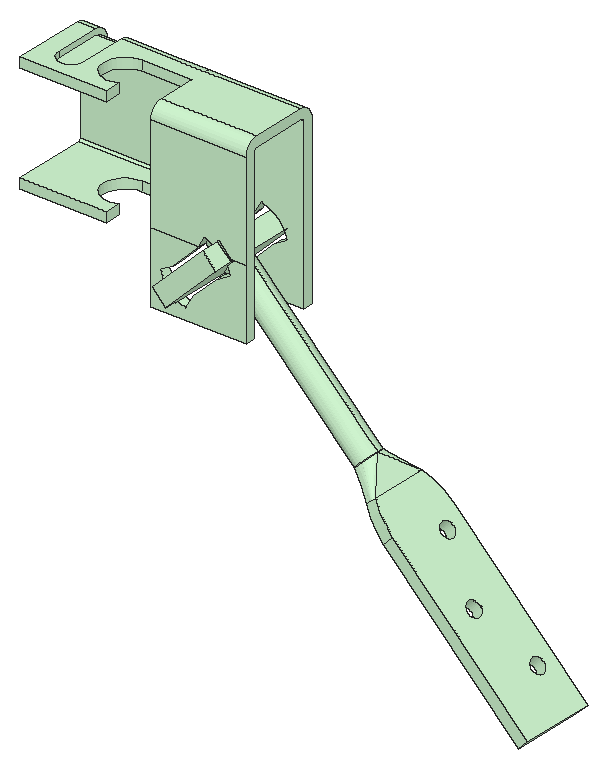
Revit family "ue-box", category 機械設備, Revit 2022
Family settings
  丸型コネクタ寸法 = 直径を使用
  種別 = なし
  パーツ タイプ = 標準
  作業面ベース = いいえ
  常に垂直 = はい
  ロード時にボイドで切り取り = いいえ
  注釈の向きを維持 = いいえ
  共有 = いいえ
  部屋計算ポイント = いいえ
Parameters
  製造元 = "株式会社桐井製作所"
  既定の高さ = 0 mm
  URL = "https://www.kirii.co.jp/"
  K_角度 [instance] = 45.00°
  K_品名 = "UE-box"
  K_名称 = "斜め部材(ブレース)上部取付金具"
  K_入数 = "100"
  K_備考 = "適用角度:30°~60°"
  K_バージョン情報 = "20211216"
Reference planes
  plane 1 "中心(正面/背面)": y = 0
  plane 2: z = 0
  plane 3 "中心(左/右)": x = 0
  plane 4: z = -30.647
Forms (mm)
  Extrusion 1, solid
    sketch origin (36.687, 0, 0) x (0, 1, 0) y (0, 0, 1)
      loop
        line (0, -24.5) -> (0, -3.2)
        arc (0, -3.2) -> (-0.937, -0.937) -> (-3.2, 0) r 3.2
        line (-3.2, 0) -> (-20.2, 0) -> (-20.2, -2.3) -> (-2.8, -2.3)
        arc (-2.8, -2.3) -> (-2.446, -2.446) -> (-2.3, -2.8) r 0.5
        line (-2.3, -2.8) -> (-2.3, -24.9)
        arc (-2.3, -24.9) -> (-2.446, -25.254) -> (-2.8, -25.4) r 0.5
        line (-2.8, -25.4) -> (-20.2, -25.4) -> (-20.2, -27.7) -> (-3.2, -27.7)
        arc (-3.2, -27.7) -> (-0.937, -26.763) -> (0, -24.5) r 3.2
    from -52.5 to -22.5
  Extrusion 2, solid
    sketch origin (36.687, 0, 0) x (0, 1, 0) y (0, 0, 1)
      loop
        line (-16.9, -42.5) -> (-16.9, -2.8)
        arc (-16.9, -2.8) -> (-16.754, -2.446) -> (-16.4, -2.3) r 0.5
        line (-16.4, -2.3) -> (-2.8, -2.3)
        arc (-2.8, -2.3) -> (-2.446, -2.446) -> (-2.3, -2.8) r 0.5
        line (-2.3, -2.8) -> (-2.3, -42.5) -> (0, -42.5) -> (0, -3.2)
        arc (0, -3.2) -> (-0.937, -0.937) -> (-3.2, 0) r 3.2
        line (-3.2, 0) -> (-16, 0)
        arc (-16, 0) -> (-18.263, -0.937) -> (-19.2, -3.2) r 3.2
        line (-19.2, -3.2) -> (-19.2, -25.919) -> (-19.2, -42.5) -> (-16.9, -42.5)
    from -22.5 to 0
  Extrusion 3, void
    sketch origin (36.687, 0, 0) x (1, 0, 0) y (0, 1, 0)
      loop
        arc (-34.2, -7.1) -> (-39.2, -12.113) -> (-34.174, -17.1) r 5
        line (-34.174, -17.1) -> (-32.1, -16.462) -> (-32.1, -20.2) -> (-22.5, -20.2) -> (-22.5, -7.1) -> (-34.2, -7.1)
    from -2.3 to 0
  Extrusion 4, void
    sketch origin (36.687, 0, 0) x (1, 0, 0) y (0, 0, 1)
      loop
        arc (-41.2, -7.2) -> (-41.907, -6.907) -> (-42.2, -6.2) r 1
        line (-42.2, -6.2) -> (-42.2, -14.2)
        arc (-42.2, -14.2) -> (-41.907, -13.493) -> (-41.2, -13.2) r 1
        line (-41.2, -13.2) -> (-22.5, -13.2) -> (-16.1, -13.2)
        arc (-16.1, -13.2) -> (-13.979, -12.322) -> (-13.1, -10.2) r 3
        arc (-13.1, -10.2) -> (-13.979, -8.079) -> (-16.1, -7.2) r 3
        line (-16.1, -7.2) -> (-22.5, -7.2) -> (-41.2, -7.2)
      loop
        arc (-45.2, -20.4) -> (-43.079, -19.521) -> (-42.2, -17.4) r 3
        line (-42.2, -17.4) -> (-48.2, -17.4)
        arc (-48.2, -17.4) -> (-47.321, -19.521) -> (-45.2, -20.4) r 3
    from 0 to 1.324
  Extrusion 5, void
    sketch origin (36.687, 0, 0) x (1, 0, 0) y (0, 1, 0)
      loop
        arc (-48.2, -14.2) -> (-47.321, -16.321) -> (-45.2, -17.2) r 3
        arc (-45.2, -17.2) -> (-43.079, -16.321) -> (-42.2, -14.2) r 3
        line (-42.2, -14.2) -> (-48.2, -14.2)
    from -1.335 to 0
  Extrusion 6, void
    sketch origin (36.687, 0, 0) x (1, 0, 0) y (0, 0, 1)
      loop
        line (-14.15, -39.874) -> (-12.345, -36.747) -> (-6.903, -31.305) -> (-3.776, -29.5)
        arc (-3.776, -29.5) -> (-5.99, -25.64) -> (-9.85, -23.426) r 8.5
        line (-9.85, -23.426) -> (-11.655, -26.553) -> (-17.097, -31.995) -> (-20.224, -33.8)
        arc (-20.224, -33.8) -> (-18.01, -37.66) -> (-14.15, -39.874) r 8.5
    from 0 to 20.2
  Extrusion 7, void
    sketch origin (36.687, 0, 0) x (1, 0, 0) y (0, 0, 1)
      loop
        arc (-31, -20.5) -> (-30.854, -20.854) -> (-30.5, -21) r 0.5
        line (-30.5, -21) -> (-25, -21) -> (-25, -13.6) -> (-30.5, -13.6)
        arc (-30.5, -13.6) -> (-30.854, -13.747) -> (-31, -14.1) r 0.5
        line (-31, -14.1) -> (-31, -20.5)
    from 0 to 2.3
  Extrusion 8, solid
    sketch origin (36.687, 0, 0) x (0, 1, 0) y (0, 0, 1)
      loop
        line (-6.1, -13.6) -> (-6.1, -21) -> (-2.3, -21) -> (-2.3, -13.6) -> (-6.1, -13.6)
    from -25 to -22.7
  Extrusion 9, void
    sketch origin (0, 0, 0) x (0, 1, 0) y (0, 0, 1)
      loop
        arc (0, -3.2) -> (-0.937, -0.937) -> (-3.2, 0) r 3.2
        line (-3.2, 0) -> (-14.2, 0) -> (-14.2, -1.332) -> (-3.135, -1.332)
        arc (-3.135, -1.332) -> (-1.991, -1.722) -> (-1.324, -2.729) r 1.872
        line (-1.324, -2.729) -> (-1.324, -17.4) -> (0, -17.4) -> (0, -3.2)
    from -11.513 to -5.513
  Extrusion 10, void
    sketch origin (36.687, 0, -23.838) x (1, 0, 0) y (0, 1, 0)
      loop
        arc (-34.2, -7.1) -> (-39.2, -12.113) -> (-34.174, -17.1) r 5
        line (-34.174, -17.1) -> (-32.1, -16.462) -> (-32.1, -20.2) -> (-22.5, -20.2) -> (-22.5, -7.1) -> (-34.2, -7.1)
    from -3.862 to -1.562
Cuts and joins
  Extrusion 3, Extrusion 4, Extrusion 5, Extrusion 6, Extrusion 7, Extrusion 9, Extrusion 10 cuts Extrusion 1
  Extrusion 3, Extrusion 4, Extrusion 6, Extrusion 9 cuts Extrusion 2
  Extrusion 9 cuts Extrusion 8
  joined: Extrusion 1, Extrusion 2, Extrusion 8
Dimensions and locks
  "K_角度": angle nested 1 to plane 4
  aligned and locked: level to plane 2
  aligned and locked: plane 4 to nested 1
Automatic sketch dimensions
  Extrusion 1 sketch curve to level = 0 mm
  Extrusion 1 sketch curve to plane 1 "中心(正面/背面)" = 0 mm
  plane 1 "中心(正面/背面)" to Extrusion 1 sketch curve = 2.3 mm
  Extrusion 1 sketch curve to Extrusion 1 sketch curve = 0.5 mm  (x2)
  Extrusion 1 sketch curve to Extrusion 1 sketch curve = 0.4 mm  (x3)
  Extrusion 1 sketch curve to Extrusion 1 sketch curve = 17 mm  (x2)
  Extrusion 1 sketch curve to Extrusion 1 sketch curve = 0 mm
  plane 4 to Extrusion 1 sketch curve = 2.947 mm
  Extrusion 1 sketch curve to Extrusion 1 sketch curve = 0.9 mm
  Extrusion 2 sketch curve to level = 0 mm
  Extrusion 2 sketch curve to plane 1 "中心(正面/背面)" = 0 mm
  plane 1 "中心(正面/背面)" to Extrusion 2 sketch curve = 2.3 mm
  Extrusion 2 sketch curve to Extrusion 2 sketch curve = 0.5 mm
  Extrusion 2 sketch curve to Extrusion 2 sketch curve = 0.4 mm  (x3)
  Extrusion 2 sketch curve to Extrusion 2 sketch curve = 12.8 mm
  Extrusion 2 sketch curve to Extrusion 2 sketch curve = 14.6 mm
  plane 4 to Extrusion 2 sketch curve = 4.728 mm
  Extrusion 2 sketch curve to Extrusion 2 sketch curve = 2.3 mm
  Extrusion 2 sketch curve to plane 4 = 11.853 mm  (x2)
  plane 3 "中心(左/右)" to Extrusion 3 sketch curve = 2.487 mm
  plane 3 "中心(左/右)" to Extrusion 3 sketch curve = 2.513 mm
  Extrusion 3 sketch curve to Extrusion 3 sketch curve = 2.074 mm  (x2)
  Extrusion 3 sketch curve to Extrusion 3 sketch curve = 9.6 mm
  plane 1 "中心(正面/背面)" to Extrusion 3 sketch curve = 20.2 mm
  Extrusion 3 sketch curve to Extrusion 3 sketch curve = 3.1 mm
  Extrusion 3 sketch curve to Extrusion 3 sketch curve = 0.638 mm
  Extrusion 3 sketch curve to Extrusion 3 sketch curve = 4.362 mm
  plane 1 "中心(正面/背面)" to Extrusion 3 sketch curve = 7.1 mm
  Extrusion 3 sketch curve to Extrusion 3 sketch curve = 0 mm
  Extrusion 4 sketch curve to Extrusion 4 sketch curve = 0 mm  (x6)
  Extrusion 4 sketch curve to plane 3 "中心(左/右)" = 11.513 mm
  Extrusion 4 sketch curve to Extrusion 4 sketch curve = 3 mm  (x2)
  Extrusion 4 sketch curve to Extrusion 4 sketch curve = 1 mm  (x2)
  plane 3 "中心(左/右)" to Extrusion 4 sketch curve = 14.187 mm
  Extrusion 4 sketch curve to Extrusion 4 sketch curve = 6.4 mm
  plane 4 to Extrusion 4 sketch curve = 13.247 mm
  Extrusion 4 sketch curve to Extrusion 4 sketch curve = 3.2 mm
  Extrusion 5 sketch curve to Extrusion 5 sketch curve = 0 mm  (x2)
  Extrusion 5 sketch curve to plane 3 "中心(左/右)" = 11.513 mm
  Extrusion 5 sketch curve to Extrusion 5 sketch curve = 3 mm
  plane 1 "中心(正面/背面)" to Extrusion 5 sketch curve = 14.2 mm
  Extrusion 6 sketch curve to Extrusion 6 sketch curve = 0 mm  (x2)
  Extrusion 6 sketch curve to plane 4 = 3.153 mm
  plane 3 "中心(左/右)" to Extrusion 6 sketch curve = 16.463 mm
  Extrusion 6 sketch curve to plane 4 = 1.348 mm
  Extrusion 6 sketch curve to Extrusion 6 sketch curve = 3.126 mm
  Extrusion 6 sketch curve to plane 4 = 9.227 mm
  Extrusion 6 sketch curve to Extrusion 6 sketch curve = 2.947 mm
  Extrusion 6 sketch curve to plane 4 = 6.1 mm
  Extrusion 6 sketch curve to Extrusion 6 sketch curve = 1.805 mm  (x2)
  Extrusion 6 sketch curve to plane 4 = 1.003 mm
  plane 4 to Extrusion 6 sketch curve = 4.094 mm
  Extrusion 6 sketch curve to Extrusion 6 sketch curve = 0.345 mm
  plane 4 to Extrusion 6 sketch curve = 7.221 mm
  Extrusion 6 sketch curve to plane 4 = 0.658 mm
  Extrusion 6 sketch curve to Extrusion 6 sketch curve = 5.097 mm
  plane 4 to Extrusion 6 sketch curve = 1.147 mm
  plane 3 "中心(左/右)" to Extrusion 7 sketch curve = 5.687 mm
  Extrusion 7 sketch curve to Extrusion 7 sketch curve = 0.5 mm  (x2)
  Extrusion 7 sketch curve to Extrusion 7 sketch curve = 5.5 mm
  plane 4 to Extrusion 7 sketch curve = 9.647 mm
  Extrusion 7 sketch curve to Extrusion 7 sketch curve = 6.4 mm
  plane 1 "中心(正面/背面)" to Extrusion 8 sketch curve = 6.1 mm
  plane 1 "中心(正面/背面)" to Extrusion 8 sketch curve = 2.3 mm
  plane 4 to Extrusion 8 sketch curve = 9.647 mm
  Extrusion 8 sketch curve to Extrusion 8 sketch curve = 7.4 mm
  Extrusion 9 sketch curve to level = 0 mm
  Extrusion 9 sketch curve to plane 1 "中心(正面/背面)" = 0 mm
  Extrusion 9 sketch curve to Extrusion 9 sketch curve = 1.324 mm
  Extrusion 9 sketch curve to Extrusion 9 sketch curve = 1.81 mm
  Extrusion 9 sketch curve to Extrusion 9 sketch curve = 0.065 mm
  Extrusion 9 sketch curve to level = 1.332 mm
  Extrusion 9 sketch curve to Extrusion 9 sketch curve = 11.065 mm
  Extrusion 9 sketch curve to Extrusion 9 sketch curve = 0.003 mm
  plane 4 to Extrusion 9 sketch curve = 13.247 mm
  plane 3 "中心(左/右)" to Extrusion 10 sketch curve = 2.487 mm
  plane 3 "中心(左/右)" to Extrusion 10 sketch curve = 2.513 mm
  Extrusion 10 sketch curve to Extrusion 10 sketch curve = 2.074 mm  (x2)
  Extrusion 10 sketch curve to Extrusion 10 sketch curve = 9.6 mm
  plane 1 "中心(正面/背面)" to Extrusion 10 sketch curve = 20.2 mm
  Extrusion 10 sketch curve to Extrusion 10 sketch curve = 3.1 mm
  Extrusion 10 sketch curve to Extrusion 10 sketch curve = 0.638 mm
  Extrusion 10 sketch curve to Extrusion 10 sketch curve = 4.362 mm
  plane 1 "中心(正面/背面)" to Extrusion 10 sketch curve = 7.1 mm
  Extrusion 10 sketch curve to Extrusion 10 sketch curve = 0 mm
Nested families
  nested 1: "羽子板ボルト(120)" at (56.613, -8.105, -4.467), type "羽子板ボルト(120)"
Definition of nested family "羽子板ボルト(120)"
  Parameters (values of type "羽子板ボルト(120)")
    Manufacturer = "株式会社桐井製作所"
    Default Elevation = 0 mm
    URL = "https://www.kirii.co.jp/"
    K_品名 = "羽子板ボルトL120"
    K_名称 = "羽子板ボルト"
  Reference planes
    plane 1 "中心(正面/背面)": y = 0
    plane 2: z = 0
    plane 3 "中心(左/右)": x = 0
  Forms (mm)
    Extrusion 1, solid
      sketch origin (-42.426, 0, -17.574) x (0.707107, 0, 0.707107) y (0, 1, 0)
        loop
          circle (0, -0.006) r 3.087
      from 0 to -60
    Extrusion 2, solid
      sketch origin (-42.426, 8.75, -17.574) x (0, 1, 0) y (0.707107, 0, -0.707107)
        loop
          arc (-1.97, 67) -> (-0.5, 70.881) -> (0, 75) r 17.232
          line (0, 75) -> (0, 120) -> (-17.5, 120) -> (-17.5, 75)
          arc (-17.5, 75) -> (-17, 70.881) -> (-15.53, 67) r 17.232
          line (-15.53, 67) -> (-1.97, 67)
        loop
          circle (-5, 79) r 1.9
        loop
          circle (-10.5, 94) r 1.9
        loop
          circle (-5, 109) r 1.9
      from 0 to -3
    Blend 3, solid
      base sketch origin (-42.426, 0, -17.574) x (-0.707107, 0, -0.707107) y (0, -1, 0)
        loop
          line (-3, -6.78) -> (0, -6.78) -> (0, 6.78) -> (-3, 6.78) -> (-3, -6.78)
      top sketch origin (-42.426, 0, -17.574) x (-0.707107, 0, -0.707107) y (0, -1, 0)
        loop
          circle (0, 0) r 3.087
      from -67 to -60
    Extrusion 4, solid
      sketch origin (-62.02, 75.197, -60.574) x (0, -1, 0) y (0.707103, 0, 0.70711)
        loop
          line (61.615, 51.89) -> (61.615, 35.79) -> (85.915, 35.79)
          arc (85.915, 35.79) -> (86.268, 35.937) -> (86.415, 36.29) r 0.5
          line (86.415, 36.29) -> (86.415, 38.09)
          arc (86.415, 38.09) -> (86.561, 38.444) -> (86.915, 38.59) r 0.5
          line (86.915, 38.59) -> (91.415, 38.59) -> (91.415, 55.19) -> (86.915, 55.19)
          arc (86.915, 55.19) -> (86.561, 55.044) -> (86.415, 54.69) r 0.5
          line (86.415, 54.69) -> (86.415, 52.39)
          arc (86.415, 52.39) -> (86.268, 52.037) -> (85.915, 51.89) r 0.5
          line (85.915, 51.89) -> (61.615, 51.89)
        loop
          circle (75.115, 44.14) r 4
      from 0 to 4.5
  Cuts and joins
    joined: Extrusion 2, Blend 3
  Lines and regions (mm)
    reference lines
      curve 1: line (42.426, 0, -102.426) -> (-42.426, 0, -17.574)
  Dimensions and locks
    aligned and locked: level to plane 2
    aligned and locked: curve 1 to cut or joined group of Extrusion 2, Blend 3
